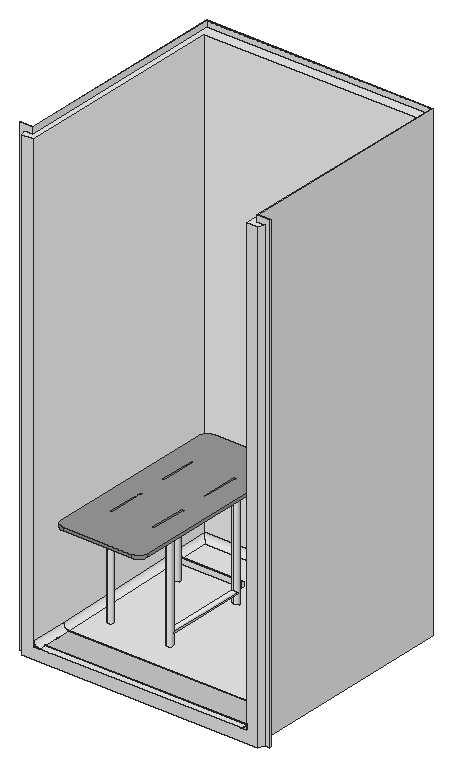
Revit family "4LBS4238A75FTB,A2FTB", category Plumbing Fixtures, Revit 2017
Family settings
  Round Connector Dimension = Use Diameter
  Part Type = Normal
  OmniClass Number = 23.45.05.14.17
  OmniClass Title = Showers
  Work Plane-Based = No
  Always vertical = Yes
  Cut with Voids When Loaded = No
  Shared = No
  Room Calculation Point = No
Parameters (values of type "4LBS4238A2FTB")
  Unit Width = 42 1/4"
  Unit Height = 80"
  URL = "http://www.bestbath.com/"
  Type Comments = "ADA Compliant"
  Threshold Height = 2"
  Seat Height = 18"
  Model = "4LBS4238A2FTB"
  Material [instance] = Best Bath Gelcoat Fiberglass - 8in Tile
  Manufacturer = "Best Bath Systems, Inc."
  Keynote = "22 40 00.B3"
  Description = "Trench Drain, Subway Tile, Traditional Bull Nose Threshold"
  Assembly Code = "D2010710"
Types (3): name | Unit Height | Threshold Height | Model | Description
  (no name) | 80" | 2" | "4LBS4238A2FTB" | "Trench Drain, Subway Tile, Traditional Bull Nose Threshold"
  4LBS4238A75FTB | 78 3/4" | 3/4" | "4LBS4238A75FTB" | "Trench Drain, Subway Tile, Beveled Threshold"
  4LBS4238A2FTB | 80" | 2" | "4LBS4238A2FTB" | "Trench Drain, Subway Tile, Traditional Bull Nose Threshold"
Reference planes (in)
  plane 1 "Back": y = -0.5
  plane 2: z = 0
  plane 3 "Left": x = 0
  plane 4: x = 38.25
  plane 5: y = -38.5
  plane 6: z = 79
  plane 7: z = 2
  plane 8: z = 80
  plane 9: x = 19.125
  plane 10: y = -37.375
  plane 11: y = -2.5
  plane 12: y = -21
  plane 13: z = 1.625
  plane 14: z = 20
  plane 15: z = 36
  plane 16: z = 41
  plane 17: y = -39.5
  plane 18: x = -2
  plane 19: y = -34.8125
  plane 20: y = -32.26562
  plane 21: x = 40.25
Forms (in)
  Extrusion 1, solid, material "Best Bath Gelcoat Fiberglass - Smooth"
    sketch origin (0, 0, 0) x (1, 0, 0) y (0, 1, 0)
      loop
        line (0, -0.5) -> (0, -37.375) -> (-1.17644, -37.375) -> (-0.875, -38.5) -> (1.125, -38.5) -> (1.125, -2.5) -> (37.125, -2.5) -> (37.125, -38.5) -> (39.125, -38.5) -> (39.42644, -37.375) -> (38.25, -37.375) -> (38.25, -0.5) -> (0, -0.5)
    from 0 to 79
  Extrusion 2, solid, material "Best Bath Gelcoat Fiberglass - Smooth"
    sketch origin (0, 0, 0) x (1, 0, 0) y (0, 1, 0)
      loop
        line (0, -0.5) -> (0, -37.375) -> (-2.02391, -37.375) -> (-2.02391, -37.5) -> (0.125, -37.5) -> (0.125, -0.625) -> (38.125, -0.625) -> (38.125, -37.5) -> (40.27391, -37.5) -> (40.27391, -37.375) -> (38.25, -37.375) -> (38.25, -0.5) -> (0, -0.5)
    from 0 to 80
  Extrusion 3, solid, material "Best Bath Gelcoat Fiberglass - Smooth"
    sketch origin (0, 0, 0) x (0, 1, 0) y (0, 0, 1)
      loop
        line (-38.5, 0) -> (-2.5, 0) -> (-2.5, 2.595) -> (-32.26562, 1.99969) -> (-38.5, 1.99969) -> (-38.5, 0)
    from 0 to 38.25
  Extrusion 4, void
    sketch origin (0, 0, 0) x (1, 0, 0) y (0, 1, 0)
      loop
        circle (19.125, -34.8125) r 1.5
    from 0 to 4.14312
  Extrusion 5, void
    sketch origin (0, 0, 0) x (1, 0, 0) y (0, 1, 0)
      loop
        line (1.375, -32.26562) -> (1.375, -37.375) -> (36.625, -37.375) -> (36.625, -32.26562) -> (1.375, -32.26562)
    from 0.375 to 4.14312
  Extrusion 6, solid, material "Stainless Steel, Brushed"
    sketch origin (0, 0, 0) x (1, 0, 0) y (0, 1, 0)
      loop
        line (1.5, -32.37995) -> (1.5, -37.24623) -> (36.48394, -37.24623) -> (36.48394, -32.37995) -> (1.5, -32.37995)
      loop
        circle (2.20312, -34.8125) r 0.125
      loop
        circle (36.04688, -34.8125) r 0.125
    from 0.58504 to 2
  Sweep 7, solid, material "Best Bath Gelcoat Fiberglass - Smooth"
    path in 3D
      loop
        line (1.125, -38.5, 1.99969) -> (1.125, -32.26562, 1.99969) -> (1.125, -2.5, 2.595) -> (37.125, -2.5, 2.595) -> (37.125, -32.26562, 1.99969) -> (37.125, -38.5, 1.99969)
    profile origin (1.125, -35.38281, 1.99969) x (-1, 0, 0) y (0, 0, 1)
      loop
        line (0, 0) -> (0, 1.00031)
        arc (0, 1.00031) -> (-0.29289, 0.29321) -> (-1, 0) r 1
        line (-1, 0) -> (0, 0)
Cuts and joins
  Extrusion 4, Extrusion 5 cuts Extrusion 1
  Extrusion 4, Extrusion 5 cuts Extrusion 2
  Extrusion 4, Extrusion 5 cuts Extrusion 3
  joined: Extrusion 1, Extrusion 2, Extrusion 3
Lines and regions (in)
  Split face 1
    outline origin (-0.875, -38.5, 79) x (0, 0, -1) y (1, 0, 0)
      loop
        line (75.46489, 2) -> (75.46489, 0)
      loop
        line (75.46489, 38) -> (75.46489, 40)
  sketch lines
    curve 1: line (1.125, -38.5, 1.99969) -> (1.125, -32.26562, 1.99969)
    curve 2: line (1.125, -32.26562, 1.99969) -> (1.125, -2.5, 2.595)
    curve 3: line (1.125, -2.5, 2.595) -> (37.125, -2.5, 2.595)
    curve 4: line (37.125, -2.5, 2.595) -> (37.125, -32.26562, 1.99969)
    curve 5: line (37.125, -32.26562, 1.99969) -> (37.125, -38.5, 1.99969)
Dimensions and locks (in)
  locked: plane 3 "Left" to plane 4 at 38.25
  locked: plane 1 "Back" to plane 5 at 38
  "Threshold Height": plane 7 to level
  locked: plane 8 to plane 6 at 1
  "Unit Height": plane 8 to level
  equal spacing: plane 3 "Left", plane 9, plane 4
  locked: plane 1 "Back" to plane 12 at 20.5
  locked: plane 11 to plane 1 "Back" at 2
  locked: plane 7 to plane 13 at 0.375
  "Seat Height": plane 14 to plane 7
  locked: plane 15 to plane 7 at 34
  locked: plane 16 to plane 7 at 39
  plane 5 to plane 17 = 1"
  locked: plane 19 to plane 5 at 3.6875
  locked: plane 20 to plane 5 at 6.23438
  locked: plane 20 to plane 10 at 5.10938
  "Unit Width": plane 18 to plane 21
  aligned and locked: level to plane 2
  aligned and locked: Extrusion 1 sketch curve to plane 11
  aligned and locked: plane 15 to nested 1
  aligned and locked: plane 15 to nested 3
  aligned and locked: plane 16 to nested 2
  aligned and locked: plane 14 to nested 4
  aligned and locked: plane 8 to cut or joined group of Extrusion 1, Extrusion 2, Extrusion 3, Extrusion 4, Extrusion 5
  aligned and locked: plane 6 to cut or joined group of Extrusion 1, Extrusion 2, Extrusion 3, Extrusion 4, Extrusion 5
  aligned and locked: Extrusion 3 to plane 4
  aligned and locked: Extrusion 3 to plane 3 "Left"
  aligned and locked: Extrusion 3 to cut or joined group of Extrusion 1, Extrusion 2, Extrusion 3, Extrusion 4, Extrusion 5
  aligned and locked: cut or joined group of Extrusion 1, Extrusion 2, Extrusion 3, Extrusion 4, Extrusion 5 to Extrusion 3
  aligned and locked: plane 11 to Extrusion 3
  aligned and locked: Extrusion 3 to plane 5
  aligned and locked: plane 19 to Extrusion 4 sketch curve
  aligned and locked: plane 9 to Extrusion 4 sketch curve
  aligned and locked: Extrusion 5 sketch curve to plane 20
  aligned and locked: plane 10 to Extrusion 5 sketch curve
  aligned and locked: plane 7 to Extrusion 6
  aligned and locked: Sweep 7 sketch curve to profile plane
Automatic sketch dimensions
  Extrusion 3 sketch curve to level = 0"
  Extrusion 3 sketch curve to plane 5 = 0"
  Extrusion 3 sketch curve to plane 11 = 0"
  Extrusion 3 sketch curve to plane 7 = 0.00031"
  plane 7 to Extrusion 3 sketch curve = 0.595"
  plane 20 to Extrusion 3 sketch curve = 0"
  plane 3 "Left" to Extrusion 5 sketch curve = 1 3/8"
  plane 4 to Extrusion 5 sketch curve = 1 5/8"
  Extrusion 6 sketch curve to plane 19 = 0"  (x2)
  Extrusion 6 sketch curve to plane 20 = 0.11433"
  plane 3 "Left" to Extrusion 6 sketch curve = 1 1/2"
  plane 3 "Left" to Extrusion 6 sketch curve = 2 13/64"
  plane 4 to Extrusion 6 sketch curve = 2 13/64"
  plane 10 to Extrusion 6 sketch curve = 0.12877"
  plane 4 to Extrusion 6 sketch curve = 1.76606"
  Sweep 7 sketch curve to profile plane = 0"
  profile plane to Sweep 7 sketch curve = 1"
  Sweep 7 sketch curve to Sweep 7 sketch curve = 1.00031"
  Sweep 7 sketch curve to Sweep 7 sketch curve = 0"
  Extrusion 2 sketch curve to plane 10 = 0"  (x2)
  plane 1 "Back" to Extrusion 2 sketch curve = 0"
  Extrusion 2 sketch curve to plane 3 "Left" = 0"
  plane 18 to Extrusion 2 sketch curve = 0.02391"
  plane 3 "Left" to Extrusion 2 sketch curve = 1/8"
  Extrusion 2 sketch curve to plane 10 = 1/8"  (x2)
  plane 1 "Back" to Extrusion 2 sketch curve = 1/8"
  Extrusion 2 sketch curve to plane 4 = 2.02391"
  Extrusion 2 sketch curve to plane 4 = 0"
  plane 4 to Extrusion 2 sketch curve = 1/8"
  Extrusion 1 sketch curve to plane 10 = 0"  (x2)
  Extrusion 1 sketch curve to plane 5 = 0"  (x2)
  plane 1 "Back" to Extrusion 1 sketch curve = 0"
  Extrusion 1 sketch curve to plane 3 "Left" = 0"
  Extrusion 1 sketch curve to plane 4 = 0"
  Extrusion 1 sketch curve to plane 3 "Left" = 7/8"
  Extrusion 1 sketch curve to plane 18 = 0.82356"
  Extrusion 1 sketch curve to plane 4 = 1.17644"
  Extrusion 1 sketch curve to plane 4 = 7/8"
  cut or joined group of Extrusion 1, Extrusion 2, Extrusion 3, Extrusion 4, Extrusion 5 to Split face 1 sketch curve = 0"  (x2)
  Split face 1 sketch curve to cut or joined group of Extrusion 1, Extrusion 2, Extrusion 3, Extrusion 4, Extrusion 5 = 0"  (x2)
  cut or joined group of Extrusion 1, Extrusion 2, Extrusion 3, Extrusion 4, Extrusion 5 to Split face 1 sketch curve = 1.53542"  (x2)
  plane 3 "Left" to Extrusion 1 sketch curve = 1 1/8"
  plane 4 to Extrusion 1 sketch curve = 1 1/8"
  radius of Extrusion 4 sketch curve = 1 1/2"
  radius of Extrusion 6 sketch curve = 1/8"  (x2)
Nested families (in)
  nested 1: "Grab Bar - horiz" at (19.125, -2.5, 1.375), type "12" x 1.25""
  nested 2: "Grab Bar - vertical" at (37.125, -34.5, 1.375) x (0, -1, 0) z (0, 0, 1), type "18" x 1.25""
  nested 3: "Grab Bar - horiz" at (37.125, -8.5, 1.375) x (0, -1, 0) z (0, 0, 1), type "27" x 1.25""
    with Grab Bar Size 27"
  nested 4: "ADA Shower Seat" at (1.125, -20, 1.375) x (0, 1, 0) z (0, 0, 1), type "SE3216PHSO"
Definition of nested family "Grab Bar - horiz"
  Parameters
    Wall Clearance = 2 1/8"
    Grab Bar Size = 12"
    URL = "http://seachrome.com/"
    Threshold Height = 5/8"
    Mounting Height = 34"
    Model = "GB18QSS"
    Manufacturer = "Seachrome Corp."
    Keynote = "10 28 00.C1"
    Description = "18\" x 1.25\" grab bar"
    Assembly Code = "C1030200"
  Reference planes (in)
    plane 1 "Center (Front/Back)": y = 0
    plane 2: z = 0
    plane 3 "Center (Left/Right)": x = 0
    plane 4: z = 34.625
    plane 5: z = 0.625
    plane 6: x = 12
  Forms (in)
    Extrusion 1, solid
      sketch origin (0, 0, 0) x (1, 0, 0) y (0, 0, 1)
        loop
          circle (0, 34.625) r 1.5625
        loop
          circle (12, 34.625) r 1.5625
      from 0 to 0.25
    Sweep 2, solid
      path origin (0, 0, 0) x (1, 0, 0) y (0, 1, 0)
        loop
          line (0, -0.25) -> (0, -0.375)
          arc (0, -0.375) -> (0.51256, -1.61244) -> (1.75, -2.125) r 1.75
          line (1.75, -2.125) -> (10.25, -2.125)
          arc (10.25, -2.125) -> (11.48744, -1.61244) -> (12, -0.375) r 1.75
          line (12, -0.375) -> (12, -0.25)
      profile origin (6, -2.125, 0) x (0, 1, 0) y (0, 0, 1)
        loop
          circle (0, 34.625) r 0.625
  Dimensions and locks (in)
    "Threshold Height": plane 5 to level
    "Mounting Height": plane 4 to plane 5
    "Grab Bar Size": plane 6 to plane 3 "Center (Left/Right)"
    Sweep 2 sketch curve to plane 1 "Center (Front/Back)" = 2 1/8"
    aligned and locked: level to plane 2
  Automatic sketch dimensions
    Extrusion 1 sketch curve to plane 3 "Center (Left/Right)" = 0"
    Extrusion 1 sketch curve to plane 4 = 0"  (x2)
    Extrusion 1 sketch curve to plane 6 = 0"
    Sweep 2 sketch curve to plane 3 "Center (Left/Right)" = 0"
    plane 1 "Center (Front/Back)" to Sweep 2 sketch curve = 3/8"
    Sweep 2 sketch curve to plane 6 = 0"
    Sweep 2 sketch curve to plane 6 = 1 3/4"
    Sweep 2 sketch curve to Sweep 2 sketch curve = 1/8"  (x2)
    Sweep 2 sketch curve to profile plane = 0"
    level to Sweep 2 sketch curve = 34 5/8"
    radius of Extrusion 1 sketch curve = 1 9/16"  (x2)
    radius of Sweep 2 sketch curve = 5/8"
Definition of nested family "Grab Bar - vertical"
  Parameters
    Wall Clearance = 2 1/8"
    Mounting Height = 39"
    Grab Bar Size = 18"
    URL = "http://seachrome.com/"
    Threshold Height = 5/8"
    Model = "GB18QSS"
    Manufacturer = "Seachrome Corp."
    Keynote = "10 28 00.C1"
    Description = "18\" x 1.25\" grab bar"
    Assembly Code = "C1030200"
  Reference planes (in)
    plane 1 "Center (Front/Back)": y = 0
    plane 2: z = 0
    plane 3 "Center (Left/Right)": x = 0
    plane 4: z = 39.625
    plane 5: z = 57.625
    plane 6: z = 0.625
  Forms (in)
    Sweep 1, solid
      path origin (0, 0, 0) x (0, 1, 0) y (0, 0, 1)
        loop
          line (-0.25, 39.625) -> (-0.375, 39.625)
          arc (-0.375, 39.625) -> (-1.61244, 40.13756) -> (-2.125, 41.375) r 1.75
          line (-2.125, 41.375) -> (-2.125, 55.875)
          arc (-2.125, 55.875) -> (-1.61244, 57.11244) -> (-0.375, 57.625) r 1.75
          line (-0.375, 57.625) -> (-0.25, 57.625)
      profile origin (0, -0.3125, 39.625) x (0, 0, -1) y (1, 0, 0)
        loop
          circle (0, 0) r 0.625
    Extrusion 2, solid
      sketch origin (0, 0, 0) x (1, 0, 0) y (0, 0, 1)
        loop
          circle (0, 39.625) r 1.5625
        loop
          circle (0, 57.625) r 1.5625
      from 0 to 0.25
  Dimensions and locks (in)
    "Grab Bar Size": plane 5 to plane 4
    Extrusion 2 to Sweep 1 sketch curve = 1 7/8"
    "Threshold Height": plane 6 to level
    "Mounting Height": plane 4 to plane 6
    aligned and locked: level to plane 2
    aligned and locked: plane 5 to Sweep 1 sketch curve
    aligned and locked: Sweep 1 sketch curve to plane 4
  Automatic sketch dimensions
    Sweep 1 sketch curve to plane 3 "Center (Left/Right)" = 0"
    Sweep 1 sketch curve to profile plane = 0"
    Extrusion 2 sketch curve to plane 3 "Center (Left/Right)" = 0"  (x2)
    Extrusion 2 sketch curve to plane 4 = 0"
    Extrusion 2 sketch curve to plane 5 = 0"
    Sweep 1 sketch curve to plane 5 = 1 3/4"
    plane 1 "Center (Front/Back)" to Sweep 1 sketch curve = 1/4"
    Sweep 1 sketch curve to Sweep 1 sketch curve = 1/8"
    Sweep 1 sketch curve to plane 5 = 0"
    plane 4 to Sweep 1 sketch curve = 1 3/4"
    radius of Sweep 1 sketch curve = 5/8"
    radius of Extrusion 2 sketch curve = 1 9/16"  (x2)
Definition of nested family "ADA Shower Seat"
  Parameters
    URL = "http://seachrome.com/"
    Threshold height = 5/8"
    Seat Width = 32"
    Seat Height = 18"
    Seat Depth = 14.58516"
    Model = "SE3216PHSO"
    Manufacturer = "Seachrome"
    Keynote = "22 40 00.B7"
    Description = "32\" x 16\" fold down seat with swing-down legs, phenolic"
    Assembly Code = "C1030200"
  Reference planes (in)
    plane 1 "Center (Front/Back)": y = 0
    plane 2: z = 0
    plane 3 "Center (Left/Right)": x = 0
    plane 4: x = 16
    plane 5: x = -16
    plane 6: y = -1.5
    plane 7: y = -16.08516
    plane 8: z = 18.125
    plane 9: z = 18.625
    plane 10: y = -8.79258
    plane 11: x = 12.5
    plane 12: x = -12.5
    plane 13: x = 7
    plane 14: x = -7
    plane 15: z = 3.125
    plane 16: x = -8.75
    plane 17: x = 8.75
    plane 18: z = 14.875
    plane 19: y = -14.5
    plane 20: y = -3.08516
    plane 21: z = 0.625
    plane 22: y = -12.18516
  Forms (in)
    Extrusion 1, solid
      sketch origin (0, 0, 0) x (1, 0, 0) y (0, 1, 0)
        loop
          line (-14.5, -16.08516) -> (14.5, -16.08516)
          arc (14.5, -16.08516) -> (15.56066, -15.64582) -> (16, -14.58516) r 1.5
          line (16, -14.58516) -> (16, -3)
          arc (16, -3) -> (15.56066, -1.93934) -> (14.5, -1.5) r 1.5
          line (14.5, -1.5) -> (-14.5, -1.5)
          arc (-14.5, -1.5) -> (-15.56066, -1.93934) -> (-16, -3) r 1.5
          line (-16, -3) -> (-16, -14.58516)
          arc (-16, -14.58516) -> (-15.56066, -15.64582) -> (-14.5, -16.08516) r 1.5
        loop
          line (2.5, -12.18516) -> (2.5, -12.51598) -> (8.5, -12.51598) -> (8.5, -12.18516) -> (2.5, -12.18516)
        loop
          line (-2.5, -12.18516) -> (-8.5, -12.18516) -> (-8.5, -12.51598) -> (-2.5, -12.51598) -> (-2.5, -12.18516)
        loop
          line (2.5, -5.4) -> (8.5, -5.4) -> (8.5, -5.06918) -> (2.5, -5.06918) -> (2.5, -5.4)
        loop
          line (-2.5, -5.4) -> (-2.5, -5.06918) -> (-8.5, -5.06918) -> (-8.5, -5.4) -> (-2.5, -5.4)
      from 18.125 to 18.625
    Extrusion 2, solid
      sketch origin (0, 0, 0) x (1, 0, 0) y (0, 0, 1)
        loop
          line (12.5, 18.125) -> (11.25, 18.125) -> (11.25, 16.875) -> (12.5, 16.875) -> (12.5, 18.125)
        loop
          line (-12.5, 18.125) -> (-12.5, 16.875) -> (-11.25, 16.875) -> (-11.25, 18.125) -> (-12.5, 18.125)
      from 3.08516 to 14.5
    Extrusion 3, solid
      sketch origin (0, 0, 0) x (0, 1, 0) y (0, 0, 1)
        loop
          circle (-13.79172, 17.48981) r 0.5
        loop
          circle (-3.79344, 17.48981) r 0.5
      from -11.25 to 11.25
    Extrusion 4, solid
      sketch origin (0, 0, 0) x (1, 0, 0) y (0, 1, 0)
        loop
          circle (7.00288, -13.80003) r 0.5
        loop
          circle (7.00144, -3.78513) r 0.5
        loop
          circle (-7.00288, -13.80003) r 0.5
        loop
          circle (-7.00144, -3.78513) r 0.5
      from 0.625 to 17.45503
    Extrusion 5, solid
      sketch origin (0, -1.3096, -0.78907) x (0, 1, 0) y (0, 0, 1)
        loop
          circle (-12.49231, 3.4124) r 0.41989
      from -7.0139 to 7.00631
    Extrusion 6, solid
      sketch origin (0, 0, 0) x (0, 1, 0) y (0, 0, 1)
        loop
          line (-3.1406, 3.125) -> (-3.1406, 4.01812) -> (-14.44464, 4.01812) -> (-14.44464, 3.125) -> (-3.1406, 3.125)
      from 7.85927 to 7.555
    Extrusion 7, solid
      sketch origin (0, 0, 0) x (1, 0, 0) y (0, 0, 1)
        loop
          circle (-8.75563, 14.87196) r 1.5
        loop
          circle (8.75563, 14.87196) r 1.5
      from 0 to 0.25
    Sweep 8, solid
      path origin (0, 0, 0) x (0, 1, 0) y (0, 0, 1)
        loop
          line (-0.25, 14.87196) -> (-2.29273, 14.87196)
          arc (-2.29273, 14.87196) -> (-3.35339, 15.3113) -> (-3.79273, 16.37196) r 1.5
          line (-3.79273, 16.37196) -> (-3.79273, 17.45503)
      profile origin (0, -1.27137, 14.87196) x (0, 0, -1) y (1, 0, 0)
        loop
          circle (-0.00304, 8.75) r 0.5
        loop
          circle (-0.00304, -8.75) r 0.5
  Dimensions and locks (in)
    equal spacing: plane 5, plane 3 "Center (Left/Right)", plane 4
    "Seat Width": plane 5 to plane 4
    "Seat Depth": plane 7 to plane 6
    locked: plane 6 to plane 1 "Center (Front/Back)" at 1.5
    locked: plane 9 to plane 8 at 0.5
    equal spacing: plane 7, plane 10, plane 6
    equal spacing: plane 11, plane 3 "Center (Left/Right)", plane 12
    equal spacing: plane 14, plane 3 "Center (Left/Right)", plane 13
    equal spacing: Extrusion 4 sketch curve, plane 10, Extrusion 4 sketch curve
    equal spacing: plane 16, plane 3 "Center (Left/Right)", plane 17
    locked: Extrusion 6 to Extrusion 6 at 0.30428
    "Threshold height": plane 21 to level
    "Seat Height": plane 9 to plane 21
    Extrusion 1 sketch curve to Extrusion 1 sketch curve = 6"  (x2)
    Extrusion 1 sketch curve to plane 22 = 3.9"
    Extrusion 1 sketch curve to Extrusion 1 sketch curve = 5"
    aligned and locked: plane 2 to level
    aligned and locked: Extrusion 1 sketch curve to plane 6
    aligned and locked: Extrusion 1 sketch curve to plane 5
    aligned and locked: plane 4 to Extrusion 1 sketch curve
    aligned and locked: plane 9 to Extrusion 1
    aligned and locked: Extrusion 1 to plane 8
    aligned and locked: plane 11 to Extrusion 2 sketch curve
    aligned and locked: plane 12 to Extrusion 2 sketch curve
    aligned and locked: Extrusion 7 to plane 1 "Center (Front/Back)"
    aligned and locked: Extrusion 2 to plane 19
    aligned and locked: plane 20 to Extrusion 2
    aligned and locked: plane 22 to Extrusion 1 sketch curve
  Automatic sketch dimensions
    Extrusion 2 sketch curve to plane 8 = 0"  (x2)
    Extrusion 2 sketch curve to plane 8 = 1 1/4"  (x2)
    Extrusion 2 sketch curve to Extrusion 2 sketch curve = 1 1/4"  (x2)
    Extrusion 5 sketch curve to plane 7 = 2.28324"
    level to Extrusion 5 sketch curve = 2.62333"
    plane 15 to Extrusion 6 sketch curve = 0"
    Extrusion 6 sketch curve to plane 7 = 1.64052"
    Extrusion 6 sketch curve to plane 15 = 0.89312"
    plane 6 to Extrusion 6 sketch curve = 1.6406"
    plane 16 to Extrusion 7 sketch curve = 0.00563"
    Extrusion 7 sketch curve to plane 17 = 0.00563"
    Extrusion 7 sketch curve to plane 18 = 0.00304"  (x2)
    plane 19 to Extrusion 3 sketch curve = 0.70828"
    Extrusion 3 sketch curve to plane 20 = 0.70828"
    Extrusion 3 sketch curve to plane 8 = 0.63519"  (x2)
    Extrusion 4 sketch curve to plane 14 = 0.00288"
    Extrusion 4 sketch curve to plane 14 = 0.00144"
    plane 13 to Extrusion 4 sketch curve = 0.00144"
    plane 13 to Extrusion 4 sketch curve = 0.00288"
    plane 19 to Extrusion 4 sketch curve = 0.69997"  (x2)
    Extrusion 4 sketch curve to plane 20 = 0.69997"
    Sweep 8 sketch curve to plane 18 = 0.00304"
    plane 1 "Center (Front/Back)" to Sweep 8 sketch curve = 1/4"
    Sweep 8 sketch curve to plane 8 = 0.66997"
    plane 20 to Sweep 8 sketch curve = 0.79243"
    Sweep 8 sketch curve to plane 20 = 0.70757"
    profile plane to Sweep 8 sketch curve = 0.00304"  (x2)
    Sweep 8 sketch curve to plane 3 "Center (Left/Right)" = 8 3/4"
    plane 3 "Center (Left/Right)" to Sweep 8 sketch curve = 8 3/4"
    plane 22 to Extrusion 1 sketch curve = 0"
    plane 5 to Extrusion 1 sketch curve = 1 1/2"
    Extrusion 1 sketch curve to plane 19 = 0.08516"
    Extrusion 1 sketch curve to plane 16 = 1/4"  (x2)
    Extrusion 1 sketch curve to plane 3 "Center (Left/Right)" = 2 1/2"
    plane 3 "Center (Left/Right)" to Extrusion 1 sketch curve = 2 1/2"
    plane 17 to Extrusion 1 sketch curve = 1/4"
    Extrusion 1 sketch curve to plane 4 = 1 1/2"  (x2)
    Extrusion 1 sketch curve to Extrusion 1 sketch curve = 0.33082"  (x3)
    plane 22 to Extrusion 1 sketch curve = 0.33082"
    Extrusion 1 sketch curve to plane 20 = 2.31484"  (x2)
    radius of Extrusion 5 sketch curve = 0.41989"
    radius of Extrusion 7 sketch curve = 1 1/2"  (x2)
    radius of Extrusion 3 sketch curve = 1/2"  (x2)
    radius of Extrusion 4 sketch curve = 1/2"  (x4)
    radius of Sweep 8 sketch curve = 1/2"  (x2)
